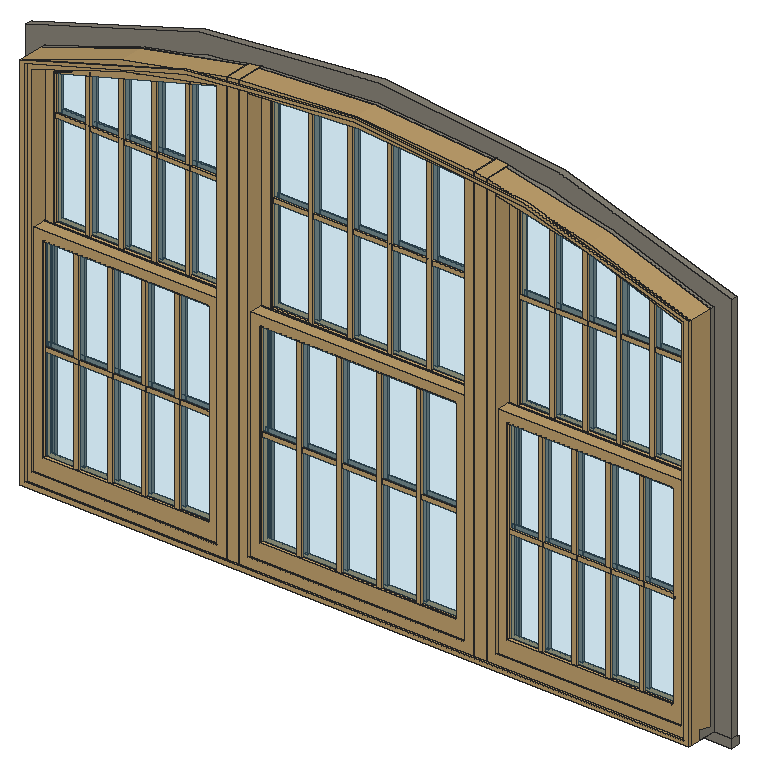
Revit family
Parameters (values of type "3W CUDHRTP-NG RT25/6/26")
  Window Type = "Clad Ultimate DH Round Top - NG 3W RT25/6/26"
  Width Side Unit = (Width - Width Center Unit - (Mull Space * 2)) / 2  # 2' - 9"
  Width Center Unit = 3' - 2"
  URL = "www.marvin.com"
  Subsill Height_2 = if(Subsill A217, 0' 1 11/32", 0' 0 9/16")  # 0' - 1 11/32"
  Subsill Height = if(Subsill A217 Visibility, 0' 1 11/32", if(Subsill A246 Visibility, 0' 0 9/16", 0' 0"))  # 0' - 1 11/32"
  Subsill A246 Visibility = and(Subsill Visibility, Subsill A246)  # no
  Subsill A217 Visibility = and(Subsill Visibility, Subsill A217)  # yes
  Sash DLO Height Ratio = 0.5
  RO Radius Constraint = if(RO Radius > (Rough Width / 2) + 0' 2", RO Radius, (Rough Width / 2) + 0' 2")  # 12' - 0 1/2"
  RO Radius = 12' - 0 1/2"
  Muntins Interior Top Sash = yes
  Muntins Interior Material = Wood-Marvin-Pine
  Muntins Interior Bottom Sash = yes
  Muntins Exterior Top Sash = yes
  Muntins Exterior Material = Aluminum-Marvin-Bronze
  Muntins Exterior Bottom Sash = yes
  Mull Space visibility = Mull Space > 0' 0"  # yes
  Mull Space = 0' - 2"
  Mull Offset = if(Mull Space > 0' 0", 0' 0", 0' 0 1/32")  # 0' - 0"
  Mask Offset [instance] = if(Inset to Installation Flange = 0' 1 3/32", 0' 0 1/32", 0' 0")  # 0' - 0"
  Lites Wide Top Sash Side = 5
  Lites Wide Top Sash Center = 5
  Lites Wide Bottom Sash Side = 5
  Lites Wide Bottom Sash Center = 5
  Lites High Top Sash = 2
  Lites High Bottom Sash = 2
  Label Egress = ""
  Interior Material = Wood-Marvin-Pine
  Frame = "Aluminum Clad"
  Flat Casing Visibility = and(Casing Visibility, Flat Casing)  # yes
  Egress Window = ""
  Design Pressure = "DP50"
  Daylight Area = ((DLO Width Side * 2 + DLO Width Center) * DLO Height Bottom) + ((DLO Height Top - DLO Arc Height) * DLO Width + DLO Segment Area) - (((0' 5 13/16" + Mull Space) * 2) * DLO Height Top Center)  # 34.5838 SF
  DLO Width Center = Width Center Unit - 0' 6 17/32"  # 2' - 7 15/32"
  DLO Width = Width - 0' 6 17/32"  # 8' - 5 15/32"
  DLO Height Top Center = DLO Height Top - Arc Height Center  # 2' - 5.66259"
  DLO Arc Height = DLO Radius - sqrt((DLO Radius ^ 2) - ((DLO Width / 2) ^ 2))  # 0' - 9.46407"
  Cladding Material = Aluminum-Marvin-Bronze
  Center Offset = Width Center Unit + (Mull Space * 2)  # 3' - 6"
  Casing Width_2 = if(BMC, 0' 1 5/16", 0' 3")  # 0' - 3"
  Casing Visibility = yes
  Subsill Visibility = yes
  BMC Visibility = and(Casing Visibility, BMC)  # no
  BMC = no
  Flat Casing = not(BMC)  # yes
  Subsill A246 = no
  Subsill A217 = not(Subsill A246)  # yes
  Glazing Material = Glass-Marvin-IG Low E II with Argon
  Radius = RO Radius Constraint - 0' 0 1/2"  # 12' - 0"
  Nominal Width = 9' - 0"
  Nominal Height = 6' - 0"
  Model = "3W CUDHRT-NG RT25/6/26"
  Mask [instance] = Inset to Installation Flange > 0' 1 3/32"  # no
  Manufacturer = "Marvin Windows and Doors"
  Label Visibility = no
  Glass Type = "IG Low E II with Argon"
  Family created by = "www.rbuiltcomponents.com"
  Rough Width = Width + 0' 1"  # 9' - 1"
  Rough Height = Height + 0' 0 1/2"  # 6' - 0 1/2"
  Jamb Extension Visibility = yes
  Inset to Installation Flange [instance] = 0' - 1"
  Height = Nominal Height  # 6' - 0"
  Description = "3W DH RT25/6/26"
  Default Head Height = 8' - 0"
  Wall Closure = (empty or 0)
  Width = Nominal Width  # 9' - 0"
  DLO Radius = Radius - 0' 3 9/32"  # 11' - 8 23/32"
  DLO Width Side = Width Side Unit - 0' 6 17/32"  # 2' - 2 15/32"
  DLO Height Top = (Height - 0' 10 1/32") * Sash DLO Height Ratio  # 2' - 6 63/64"
  DLO Height Bottom = (Height - 0' 10 1/32") * (1 - Sash DLO Height Ratio)  # 2' - 6 63/64"
  Casing Width = if(BMC Visibility, 0' 1 5/16", if(Flat Casing Visibility, 0' 3", 0' 0"))  # 0' - 3"
  Casing Radius = Radius + Casing Width  # 12' - 3"
  Assembly Code = ""
  DLO Segment Area = ((DLO Radius ^ 2) / 2 * ((3.1416 / 180) * Angle Sector2 - sin(Angle Sector)) / 2) * 2  # 4.47662 SF
  Arc Height Center = RO Radius Constraint - sqrt((RO Radius Constraint ^ 2) - (((Width Center Unit + 0' 1") / 2) ^ 2))  # 0' - 1.32179"
  Arc Height = RO Radius Constraint - sqrt((RO Radius Constraint ^ 2) - ((Rough Width / 2) ^ 2))  # 0' - 10.67175"
  Angle Sector2 = Angle Sector * 1 / 1.00°  # 42.2664
  Angle Sector = 2 * acos((DLO Radius - DLO Arc Height) / DLO Radius)  # 42.2664°
Reference planes (in)
  plane 1 "Center (Front/Back)": y = 0
  plane 2: z = 0
  plane 3 "Center (Left/Right)": x = -3
  plane 4 "Left": x = -57
  plane 5 "Right": x = 51
  plane 6 "Sill": z = 24
  plane 7 "Top": z = 96
  plane 8 "Inset": y = 2
  plane 9 "Glazing 1": y = 1.4375
  plane 10 "Jamb Ext Face": y = -2.5625
  plane 11: z = 85.82825
  plane 12: z = 60.79688
  plane 13: z = 96.5
  plane 14: x = 51.5
  plane 15: x = -57.5
  plane 16: x = 34.5
  plane 17: x = -40.5
  plane 18: x = 18
  plane 19: x = -24
  plane 20: x = -22
  plane 21: x = 16
  plane 22: y = -2.59375
  plane 23: z = 28.84375
  plane 24 "Glazing 2": y = 0.46875
  plane 25: z = 92.73438
  plane 26 "Glazing 3": y = -0.8125
  plane 27 "Glazing 4": y = -1.78125
  plane 28: z = 61.76563
  plane 29: z = 59.82813
  plane 30: z = -48
Forms (in)
  Extrusion 1, void
    sketch origin (0, 0, 0) x (1, 0, 0) y (0, 0, 1)
      loop
        line (51, 24) -> (51, 85.49157)
        arc (51, 85.49157) -> (-3, 96) -> (-57, 85.49157) r 144
        line (-57, 85.49157) -> (-57, 24) -> (51, 24)
    from -2 to 3
  Extrusion 2, void
    sketch origin (0, 0, 0) x (1, 0, 0) y (0, 0, 1)
      loop
        line (54, 22.65625) -> (54, 87.49908)
        arc (54, 87.49908) -> (-3, 99) -> (-60, 87.49908) r 147
        line (-60, 87.49908) -> (-60, 22.65625) -> (54, 22.65625)
    from -2 to -3.12756
  Sweep 3, solid, material "Aluminum-Marvin-Bronze" <- "Cladding Material", visible <- "BMC Visibility"
    path origin (0, 2, 0) x (1, 0, 0) y (0, 0, 1)
      loop
        line (51, 24) -> (51, 85.49157)
        arc (51, 85.49157) -> (-3, 96) -> (-57, 85.49157) r 144
        line (-57, 85.49157) -> (-57, 24)
    profile "BMC_Clad : BMC_Clad" origin (-57, 2, 54.74579) x (1, 0, 0) y (0, -1, 0)
      loop
        line (-0.71589, -1.25) -> (-0.38081, -1.09375) -> (0, -1.09375) -> (0, 0) -> (-1.3125, 0) -> (-1.3125, -1.25) -> (-0.71589, -1.25)
  Sweep 4, solid, material "Aluminum-Marvin-Bronze" <- "Cladding Material", visible <- "Flat Casing Visibility"
    path origin (0, 2, 0) x (1, 0, 0) y (0, 0, 1)
      loop
        line (-57, 24) -> (-57, 85.49157)
        arc (-57, 85.49157) -> (-3, 96) -> (51, 85.49157) r 144
        line (51, 85.49157) -> (51, 24)
    profile "Flat_Casing_Clad : Flat_Casing_Clad" origin (51, 2, 54.74579) x (1, 0, 0) y (0, -1, 0)
      loop
        line (3, -1.09375) -> (3, 0) -> (0, 0) -> (0, -1.09375) -> (3, -1.09375)
  Sweep 5, solid, material "Aluminum-Marvin-Bronze" <- "Cladding Material", visible <- "Subsill Visibility"
    path origin (0, 2, 0) x (1, 0, 0) y (0, 0, 1)
      loop
        line (54, 24) -> (-60, 24)
    profile origin (-3, 2, 24) x (0, 0, -1) y (0, -1, 0)
      loop
        line (0, 0) -> (0, -1.09401) -> (0.15265, -1.09401) -> (0.1875, -1.34375) -> (1.34375, -1.34375) -> (1.34375, 0) -> (0, 0)
  Extrusion 6, solid, material "Wood-Marvin-Pine" <- "Interior Material", visible <- "Jamb Extension Visibility"
    sketch origin (0, -2.5625, 0) x (1, 0, 0) y (0, 0, 1)
      loop
        line (-57, 24) -> (51, 24) -> (51, 85.49157)
        arc (51, 85.49157) -> (-3, 96) -> (-57, 85.49157) r 144
        line (-57, 85.49157) -> (-57, 24)
      loop
        arc (50.3125, 85.25886) -> (-3, 95.52751) -> (-56.3125, 85.25886) r 143.52751
        line (-56.3125, 85.25886) -> (-56.3125, 24.6875) -> (50.3125, 24.6875) -> (50.3125, 85.25886)
    from 0.4375 to 0.03125
  Extrusion 7, solid, material "Wood-Marvin-Pine" <- "Interior Material", visible <- "Mull Space visibility"
    sketch origin (0, -2.5625, 0) x (1, 0, 0) y (0, 0, 1)
      loop
        arc (-22, 94.74102) -> (-23.00049, 94.60428) -> (-24, 94.46052) r 144
        line (-24, 94.46052) -> (-24, 24) -> (-22, 24) -> (-22, 94.74102)
      loop
        line (16, 94.74102) -> (16, 24) -> (18, 24) -> (18, 94.46052)
        arc (18, 94.46052) -> (17.00049, 94.60428) -> (16, 94.74102) r 144
    from -5.65651 to 0
  Sweep 8, solid, material "Aluminum-Marvin-Bronze" <- "Cladding Material"
    path origin (0, 1.4375, 0) x (1, 0, 0) y (0, 0, 1)
      loop
        line (18, 24) -> (18, 94.46052)
        arc (18, 94.46052) -> (34.76719, 90.95913) -> (51, 85.49157) r 144
        line (51, 85.49157) -> (51, 24)
    profile "Clad Frame : Clad Frame" origin (18, 1.4375, 54.74579) x (1, 0, 0) y (0, -1, 0)
      loop
        line (0, -1.65625) -> (0, 0) -> (-1.5, 0) -> (-1.5, -0.4375) -> (-1.78125, -0.4375) -> (-1.78125, -0.78125) -> (-0.9375, -0.78125) -> (-0.9375, -1.1875) -> (-0.66381, -1.1875) -> (-0.59375, -1.65625) -> (0, -1.65625)
  Sweep 9, solid, material "Aluminum-Marvin-Bronze" <- "Cladding Material"
    path origin (0, 1.4375, 0) x (1, 0, 0) y (0, 0, 1)
      loop
        line (-24, 24) -> (-24, 94.46052)
        arc (-24, 94.46052) -> (-40.76719, 90.95913) -> (-57, 85.49157) r 144
        line (-57, 85.49157) -> (-57, 24)
    profile "Clad Frame : Clad Frame" origin (-24, 1.4375, 59.23026) x (-1, 0, 0) y (0, -1, 0)
      loop
        line (0, -1.65625) -> (0.59375, -1.65625) -> (0.66381, -1.1875) -> (0.9375, -1.1875) -> (0.9375, -0.78125) -> (1.78125, -0.78125) -> (1.78125, -0.4375) -> (1.5, -0.4375) -> (1.5, 0) -> (0, 0) -> (0, -1.65625)
  Sweep 10, solid, material "Aluminum-Marvin-Bronze" <- "Cladding Material"
    path origin (0, 1.4375, 0) x (1, 0, 0) y (0, 0, 1)
      loop
        line (16, 24) -> (16, 94.74102)
        arc (16, 94.74102) -> (-3, 96) -> (-22, 94.74102) r 144
        line (-22, 94.74102) -> (-22, 24)
    profile "Clad Frame : Clad Frame" origin (16, 1.4375, 59.37051) x (-1, 0, 0) y (0, -1, 0)
      loop
        line (0, -1.65625) -> (0.59375, -1.65625) -> (0.66381, -1.1875) -> (0.9375, -1.1875) -> (0.9375, -0.78125) -> (1.78125, -0.78125) -> (1.78125, -0.4375) -> (1.5, -0.4375) -> (1.5, 0) -> (0, 0) -> (0, -1.65625)
  Sweep 11, solid, material "Aluminum-Marvin-Bronze" <- "Cladding Material"
    path origin (0, -0.8125, 0) x (1, 0, 0) y (0, 0, 1)
      loop
        line (18, 24) -> (51, 24)
    profile "Clad Sill : Clad Sill" origin (34.5, -0.8125, 24) x (0, 0, 1) y (0, -1, 0)
      loop
        line (0, 0) -> (0, -3.90625) -> (0.59375, -3.90625) -> (0.72218, -3.04688) -> (0.80316, -3.04688) -> (1.56284, 0) -> (0, 0)
  Sweep 12, solid, material "Aluminum-Marvin-Bronze" <- "Cladding Material"
    path origin (0, -0.8125, 0) x (1, 0, 0) y (0, 0, 1)
      loop
        line (-24, 24) -> (-57, 24)
    profile "Clad Sill : Clad Sill" origin (-40.5, -0.8125, 24) x (0, 0, -1) y (0, -1, 0)
      loop
        line (0, 0) -> (-1.56284, 0) -> (-0.80316, -3.04687) -> (-0.72218, -3.04687) -> (-0.59375, -3.90625) -> (0, -3.90625) -> (0, 0)
  Sweep 13, solid, material "Aluminum-Marvin-Bronze" <- "Cladding Material"
    path origin (0, -0.8125, 0) x (1, 0, 0) y (0, 0, 1)
      loop
        line (16, 24) -> (-22, 24)
    profile "Clad Sill : Clad Sill" origin (-3, -0.8125, 24) x (0, 0, -1) y (0, -1, 0)
      loop
        line (0, 0) -> (-1.56284, 0) -> (-0.80316, -3.04687) -> (-0.72218, -3.04687) -> (-0.59375, -3.90625) -> (0, -3.90625) -> (0, 0)
  Sweep 14, solid, material "Wood-Marvin-Pine" <- "Interior Material"
    path origin (0, 1.4375, 0) x (1, 0, 0) y (0, 0, 1)
      loop
        arc (51, 85.49157) -> (34.76719, 90.95913) -> (18, 94.46052) r 144
        line (18, 94.46052) -> (18, 58.51563) -> (51, 58.51563) -> (51, 85.49157)
    profile "Sash : Sash" origin (34.76719, 1.4375, 90.95913) x (-0.262272, 0, -0.964994) y (0, -1, 0)
      loop
        line (1.59375, 0) -> (1.59375, -0.34375) -> (3.0625, -0.34375) -> (3.0625, -0.19262) -> (3.25, -0.03595) -> (3.25, 0) -> (2.5, 0) -> (2.5, 0.96875) -> (3.25, 0.96875) -> (3.25, 1.12032) -> (3.03099, 1.33933) -> (3.03099, 1.40625) -> (1.59375, 1.40625) -> (1.59375, 0)
  Sweep 15, solid, material "Wood-Marvin-Pine" <- "Interior Material"
    path origin (0, 1.4375, 0) x (1, 0, 0) y (0, 0, 1)
      loop
        line (16, 58.51563) -> (16, 94.74102)
        arc (16, 94.74102) -> (-3, 96) -> (-22, 94.74102) r 144
        line (-22, 94.74102) -> (-22, 58.51563) -> (16, 58.51563)
    profile "Sash : Sash" origin (16, 1.4375, 76.62832) x (-1, 0, 0) y (0, -1, 0)
      loop
        line (1.59375, 0) -> (1.59375, -0.34375) -> (3.0625, -0.34375) -> (3.0625, -0.19262) -> (3.25, -0.03595) -> (3.25, 0) -> (2.5, 0) -> (2.5, 0.96875) -> (3.25, 0.96875) -> (3.25, 1.12032) -> (3.03099, 1.33933) -> (3.03099, 1.40625) -> (1.59375, 1.40625) -> (1.59375, 0)
  Sweep 16, solid, material "Wood-Marvin-Pine" <- "Interior Material"
    path origin (0, 1.4375, 0) x (1, 0, 0) y (0, 0, 1)
      loop
        line (-57, 85.49157) -> (-57, 58.51563) -> (-24, 58.51563) -> (-24, 94.46052)
        arc (-24, 94.46052) -> (-40.76719, 90.95913) -> (-57, 85.49157) r 144
    profile "Sash : Sash" origin (-57, 1.4375, 72.0036) x (1, 0, 0) y (0, -1, 0)
      loop
        line (1.59375, 0) -> (1.59375, -0.34375) -> (3.0625, -0.34375) -> (3.0625, -0.19262) -> (3.25, -0.03595) -> (3.25, 0) -> (2.5, 0) -> (2.5, 0.96875) -> (3.25, 0.96875) -> (3.25, 1.12032) -> (3.03099, 1.33933) -> (3.03099, 1.40625) -> (1.59375, 1.40625) -> (1.59375, 0)
  Sweep 17, solid, material "Wood-Marvin-Pine" <- "Interior Material"
    path in 3D
      loop
        line (49.40625, -0.46875, 27.1875) -> (19.59375, -0.46875, 27.1875)
    profile "Clad Sash bottom ext : Clad Sash bottom ext" origin (34.5, -0.46875, 27.1875) x (0, 1, 0) y (0, 0, -1)
      loop
        line (-1.75, 1.28125) -> (-1.75, 0) -> (0, 0) -> (0, 1.62985) -> (-0.25, 1.56752) -> (-0.25, 1.28125) -> (-1.75, 1.28125)
  Sweep 18, solid, material "Wood-Marvin-Pine" <- "Interior Material"
    path in 3D
      loop
        line (-20.40625, -0.46875, 27.1875) -> (14.40625, -0.46875, 27.1875)
    profile "Clad Sash bottom ext : Clad Sash bottom ext" origin (-3, -0.46875, 27.1875) x (0, -1, 0) y (0, 0, -1)
      loop
        line (1.75, 1.28125) -> (0.25, 1.28125) -> (0.25, 1.56752) -> (0, 1.62985) -> (0, 0) -> (1.75, 0) -> (1.75, 1.28125)
  Sweep 19, solid, material "Wood-Marvin-Pine" <- "Interior Material"
    path in 3D
      loop
        line (-55.40625, -0.46875, 27.1875) -> (-25.59375, -0.46875, 27.1875)
    profile "Clad Sash bottom ext : Clad Sash bottom ext" origin (-40.5, -0.46875, 27.1875) x (0, -1, 0) y (0, 0, -1)
      loop
        line (1.75, 1.28125) -> (0.25, 1.28125) -> (0.25, 1.56752) -> (0, 1.62985) -> (0, 0) -> (1.75, 0) -> (1.75, 1.28125)
  Extrusion 20, solid, material "Glass-Marvin-IG Low E II with Argon" <- "Glazing Material"
    sketch origin (0, 0.46875, 0) x (1, 0, 0) y (0, 0, 1)
      loop
        arc (48.5, 83.7953) -> (34.69914, 88.38557) -> (20.5, 91.53494) r 141.5
        line (20.5, 91.53494) -> (20.5, 61.01563) -> (48.5, 61.01563) -> (48.5, 83.7953)
      loop
        arc (13.5, 92.53469) -> (-3, 93.5) -> (-19.5, 92.53469) r 141.5
        line (-19.5, 92.53469) -> (-19.5, 61.01563) -> (13.5, 61.01563) -> (13.5, 92.53469)
      loop
        arc (-26.5, 91.53494) -> (-40.69914, 88.38557) -> (-54.5, 83.7953) r 141.5
        line (-54.5, 83.7953) -> (-54.5, 61.01563) -> (-26.5, 61.01563) -> (-26.5, 91.53494)
    from 0 to -0.1875
  Sweep 21, solid, material "Wood-Marvin-Pine" <- "Interior Material"
    path origin (0, 1.4375, 0) x (1, 0, 0) y (0, 0, 1)
      loop
        line (-57, 24) -> (-57, 85.49157)
        arc (-57, 85.49157) -> (-40.76719, 90.95913) -> (-24, 94.46052) r 144
        line (-24, 94.46052) -> (-24, 24)
    profile "Int Frame : Int Frame" origin (-57, 1.4375, 54.74579) x (-1, 0, 0) y (0, -1, 0)
      loop
        line (0, 4) -> (-1.5, 4) -> (-1.5, 0) -> (0, 0) -> (0, 4)
  Sweep 22, solid, material "Wood-Marvin-Pine" <- "Interior Material"
    path origin (0, 1.4375, 0) x (1, 0, 0) y (0, 0, 1)
      loop
        line (51, 24) -> (51, 85.49157)
        arc (51, 85.49157) -> (34.76719, 90.95913) -> (18, 94.46052) r 144
        line (18, 94.46052) -> (18, 24)
    profile "Int Frame : Int Frame" origin (18, 1.4375, 59.23026) x (1, 0, 0) y (0, -1, 0)
      loop
        line (0, 4) -> (0, 0) -> (1.5, 0) -> (1.5, 4) -> (0, 4)
  Sweep 23, solid, material "Wood-Marvin-Pine" <- "Interior Material"
    path origin (0, 1.4375, 0) x (1, 0, 0) y (0, 0, 1)
      loop
        line (-22, 24) -> (-22, 94.74102)
        arc (-22, 94.74102) -> (-3, 96) -> (16, 94.74102) r 144
        line (16, 94.74102) -> (16, 24)
    profile "Int Frame : Int Frame" origin (16, 1.4375, 59.37051) x (1, 0, 0) y (0, -1, 0)
      loop
        line (0, 4) -> (-1.5, 4) -> (-1.5, 0) -> (0, 0) -> (0, 4)
  Sweep 24, solid, material "Wood-Marvin-Pine" <- "Interior Material"
    path origin (0, -0.8125, 0) x (1, 0, 0) y (0, 0, 1)
      loop
        line (16, 25.59375) -> (16, 63.07813) -> (-22, 63.07813) -> (-22, 25.59375) -> (16, 25.59375)
    profile "Sash : Sash" origin (16, -0.8125, 44.33594) x (-1, 0, 0) y (0, -1, 0)
      loop
        line (1.59375, 0) -> (1.59375, -0.34375) -> (3.0625, -0.34375) -> (3.0625, -0.19262) -> (3.25, -0.03595) -> (3.25, 0) -> (2.5, 0) -> (2.5, 0.96875) -> (3.25, 0.96875) -> (3.25, 1.12032) -> (3.03099, 1.33933) -> (3.03099, 1.40625) -> (1.59375, 1.40625) -> (1.59375, 0)
  Sweep 25, solid, material "Wood-Marvin-Pine" <- "Interior Material"
    path origin (-37.5, -0.8125, 0) x (1, 0, 0) y (0, 0, 1)
      loop
        line (13.5, 25.59375) -> (13.5, 63.07813) -> (-19.5, 63.07813) -> (-19.5, 25.59375) -> (13.5, 25.59375)
    profile "Sash : Sash" origin (-24, -0.8125, 44.33594) x (-1, 0, 0) y (0, -1, 0)
      loop
        line (1.59375, 0) -> (1.59375, -0.34375) -> (3.0625, -0.34375) -> (3.0625, -0.19262) -> (3.25, -0.03595) -> (3.25, 0) -> (2.5, 0) -> (2.5, 0.96875) -> (3.25, 0.96875) -> (3.25, 1.12032) -> (3.03099, 1.33933) -> (3.03099, 1.40625) -> (1.59375, 1.40625) -> (1.59375, 0)
  Sweep 26, solid, material "Wood-Marvin-Pine" <- "Interior Material"
    path origin (31.5, -0.8125, 0) x (-1, 0, 0) y (0, 0, 1)
      loop
        line (13.5, 25.59375) -> (13.5, 63.07813) -> (-19.5, 63.07813) -> (-19.5, 25.59375) -> (13.5, 25.59375)
    profile "Sash : Sash" origin (18, -0.8125, 44.33594) x (-1, 0, 0) y (0, -1, 0)
      loop
        line (-1.59375, 0) -> (-1.59375, 1.40625) -> (-3.03099, 1.40625) -> (-3.03099, 1.33933) -> (-3.25, 1.12032) -> (-3.25, 0.96875) -> (-2.5, 0.96875) -> (-2.5, 0) -> (-3.25, 0) -> (-3.25, -0.03595) -> (-3.0625, -0.19262) -> (-3.0625, -0.34375) -> (-1.59375, -0.34375) -> (-1.59375, 0)
  Sweep 27, solid, material "Wood-Marvin-Pine" <- "Interior Material"
    path origin (0, -0.8125, 0) x (1, 0, 0) y (0, 0, 1)
      loop
        line (-24, 24) -> (-57, 24)
    profile "Sill interior : Sill interior" origin (-40.5, -0.8125, 24) x (0, 0, -1) y (0, -1, 0)
      loop
        line (0, 0) -> (0, 1.75) -> (-2.22769, 1.75) -> (-2.22769, 1.5) -> (-1.6875, 1.5) -> (-1.6875, 0.5) -> (-1.56284, 0) -> (0, 0)
  Sweep 28, solid, material "Wood-Marvin-Pine" <- "Interior Material"
    path origin (37.5, -0.8125, 0) x (1, 0, 0) y (0, 0, 1)
      loop
        line (-21.5, 24) -> (-59.5, 24)
    profile "Sill interior : Sill interior" origin (-3, -0.8125, 24) x (0, 0, -1) y (0, -1, 0)
      loop
        line (0, 0) -> (0, 1.75) -> (-2.22769, 1.75) -> (-2.22769, 1.5) -> (-1.6875, 1.5) -> (-1.6875, 0.5) -> (-1.56284, 0) -> (0, 0)
  Sweep 29, solid, material "Wood-Marvin-Pine" <- "Interior Material"
    path origin (75, -0.8125, 0) x (1, 0, 0) y (0, 0, 1)
      loop
        line (-24, 24) -> (-57, 24)
    profile "Sill interior : Sill interior" origin (34.5, -0.8125, 24) x (0, 0, -1) y (0, -1, 0)
      loop
        line (0, 0) -> (0, 1.75) -> (-2.22769, 1.75) -> (-2.22769, 1.5) -> (-1.6875, 1.5) -> (-1.6875, 0.5) -> (-1.56284, 0) -> (0, 0)
  Sweep 30, solid, material "Wood-Marvin-Pine" <- "Interior Material"
    path in 3D
      loop
        line (14.40625, -0.46875, 61.48438) -> (-20.40625, -0.46875, 61.48438)
    profile "Checkrail Inner : Checkrail Inner" origin (-3, -0.46875, 61.48438) x (0, -1, 0) y (0, 0, 1)
      loop
        line (0, -0.9375) -> (0, 0) -> (1.75, 0) -> (1.75, 0.0625) -> (-0.28125, 0.0625) -> (-0.28125, 0) -> (-0.375, 0) -> (-0.375, 0.0625) -> (-0.5, 0.0625) -> (-0.5, -0.9375) -> (0, -0.9375)
  Sweep 31, solid, material "Wood-Marvin-Pine" <- "Interior Material"
    path in 3D
      loop
        line (-25.59375, -0.46875, 61.48438) -> (-55.40625, -0.46875, 61.48438)
    profile "Checkrail Inner : Checkrail Inner" origin (-40.5, -0.46875, 61.48438) x (0, -1, 0) y (0, 0, 1)
      loop
        line (0, -0.9375) -> (0, 0) -> (1.75, 0) -> (1.75, 0.0625) -> (-0.28125, 0.0625) -> (-0.28125, 0) -> (-0.375, 0) -> (-0.375, 0.0625) -> (-0.5, 0.0625) -> (-0.5, -0.9375) -> (0, -0.9375)
  Sweep 32, solid, material "Wood-Marvin-Pine" <- "Interior Material"
    path in 3D
      loop
        line (19.59375, -0.46875, 61.48438) -> (49.40625, -0.46875, 61.48438)
    profile "Checkrail Inner : Checkrail Inner" origin (34.5, -0.46875, 61.48438) x (0, 1, 0) y (0, 0, 1)
      loop
        line (0, -0.9375) -> (0.5, -0.9375) -> (0.5, 0.0625) -> (0.375, 0.0625) -> (0.375, 0) -> (0.28125, 0) -> (0.28125, 0.0625) -> (-1.75, 0.0625) -> (-1.75, 0) -> (0, 0) -> (0, -0.9375)
  Sweep 33, solid, material "Wood-Marvin-Pine" <- "Interior Material"
    path in 3D
      loop
        line (19.59375, 0.03125, 60.10938) -> (49.40625, 0.03125, 60.10938)
    profile "Clad Checkrail : Clad Checkrail" origin (34.5, 0.03125, 60.10938) x (0, -1, 0) y (0, 0, -1)
      loop
        line (0.39063, -0.4375) -> (0.39063, 0.09375) -> (-1.75, 0.09375) -> (-1.75, 0) -> (0, 0) -> (0, -0.4375) -> (0.39063, -0.4375)
  Sweep 34, solid, material "Wood-Marvin-Pine" <- "Interior Material"
    path in 3D
      loop
        line (-20.40625, 0.03125, 60.10938) -> (14.40625, 0.03125, 60.10938)
    profile "Clad Checkrail : Clad Checkrail" origin (-3, 0.03125, 60.10938) x (0, -1, 0) y (0, 0, -1)
      loop
        line (0.39063, -0.4375) -> (0.39063, 0.09375) -> (-1.75, 0.09375) -> (-1.75, 0) -> (0, 0) -> (0, -0.4375) -> (0.39063, -0.4375)
  Sweep 35, solid, material "Wood-Marvin-Pine" <- "Interior Material"
    path in 3D
      loop
        line (-55.40625, 0.03125, 60.10938) -> (-25.59375, 0.03125, 60.10938)
    profile "Clad Checkrail : Clad Checkrail" origin (-40.5, 0.03125, 60.10938) x (0, -1, 0) y (0, 0, -1)
      loop
        line (0.39063, -0.4375) -> (0.39063, 0.09375) -> (-1.75, 0.09375) -> (-1.75, 0) -> (0, 0) -> (0, -0.4375) -> (0.39063, -0.4375)
  Extrusion 36, solid, material "Aluminum-Marvin-Bronze" <- "Cladding Material"
    sketch origin (0, 1.4375, 0) x (1, 0, 0) y (0, 0, 1)
      loop
        line (19.5, 24.75) -> (19.55469, 24.75) -> (19.55469, 60.79688) -> (19.5, 60.79688) -> (19.5, 24.75)
      loop
        line (49.5, 60.79688) -> (49.44531, 60.79688) -> (49.44531, 24.75) -> (49.5, 24.75) -> (49.5, 60.79688)
      loop
        line (-20.5, 24.75) -> (-20.44531, 24.75) -> (-20.44531, 60.79688) -> (-20.5, 60.79688) -> (-20.5, 24.75)
      loop
        line (-25.5, 60.79688) -> (-25.55469, 60.79688) -> (-25.55469, 24.75) -> (-25.5, 24.75) -> (-25.5, 60.79688)
      loop
        line (-55.5, 24.75) -> (-55.44531, 24.75) -> (-55.44531, 60.79688) -> (-55.5, 60.79688) -> (-55.5, 24.75)
      loop
        line (14.5, 60.79688) -> (14.44531, 60.79688) -> (14.44531, 24.75) -> (14.5, 24.75) -> (14.5, 60.79688)
    from 0 to 2.25
  Extrusion 37, solid, material "Glass-Marvin-IG Low E II with Argon" <- "Glazing Material"
    sketch origin (0, 1.4375, 0) x (1, 0, 0) y (0, 0, 1)
      loop
        line (48.5, 61.01563) -> (48.5, 83.7953)
        arc (48.5, 83.7953) -> (34.69914, 88.38557) -> (20.5, 91.53494) r 141.5
        line (20.5, 91.53494) -> (20.5, 61.01563) -> (48.5, 61.01563)
      loop
        line (-19.5, 61.01563) -> (13.5, 61.01563) -> (13.5, 92.53469)
        arc (13.5, 92.53469) -> (-3, 93.5) -> (-19.5, 92.53469) r 141.5
        line (-19.5, 92.53469) -> (-19.5, 61.01563)
      loop
        line (-26.5, 61.01563) -> (-26.5, 91.53494)
        arc (-26.5, 91.53494) -> (-40.69914, 88.38557) -> (-54.5, 83.7953) r 141.5
        line (-54.5, 83.7953) -> (-54.5, 61.01563) -> (-26.5, 61.01563)
    from 0 to 0.1875
  Extrusion 38, solid, material "Glass-Marvin-IG Low E II with Argon"
    sketch origin (0, -0.8125, 0) x (1, 0, 0) y (0, 0, 1)
      loop
        line (48.5, 60.57813) -> (20.5, 60.57813) -> (20.5, 28.09375) -> (48.5, 28.09375) -> (48.5, 60.57813)
      loop
        line (13.5, 28.09375) -> (13.5, 60.57813) -> (-19.5, 60.57813) -> (-19.5, 28.09375) -> (13.5, 28.09375)
      loop
        line (-26.5, 60.57813) -> (-54.5, 60.57813) -> (-54.5, 28.09375) -> (-26.5, 28.09375) -> (-26.5, 60.57813)
    from 0 to 0.1875
  Extrusion 39, solid, material "Glass-Marvin-IG Low E II with Argon"
    sketch origin (0, -1.78125, 0) x (1, 0, 0) y (0, 0, 1)
      loop
        line (48.5, 60.57813) -> (20.5, 60.57813) -> (20.5, 28.09375) -> (48.5, 28.09375) -> (48.5, 60.57813)
      loop
        line (13.5, 28.09375) -> (13.5, 60.57813) -> (-19.5, 60.57813) -> (-19.5, 28.09375) -> (13.5, 28.09375)
      loop
        line (-26.5, 60.57813) -> (-54.5, 60.57813) -> (-54.5, 28.09375) -> (-26.5, 28.09375) -> (-26.5, 60.57813)
    from 0 to -0.1875
Cuts and joins
  joined: Sweep 8, Sweep 9, Sweep 10, Sweep 11, Sweep 12, Sweep 13, Extrusion 36
  joined: Sweep 17, Sweep 26, Sweep 32
  joined: Sweep 18, Sweep 24, Sweep 30
  joined: Sweep 19, Sweep 25, Sweep 31
  joined: Sweep 22, Sweep 29
  joined: Sweep 23, Sweep 28
  joined: Sweep 21, Sweep 27
  joined: Sweep 14, Sweep 33
  joined: Sweep 15, Sweep 34
  joined: Sweep 16, Sweep 35
Lines and regions (in)
  Masking region 1
    outline origin (0, 0, 24) x (0, -1, 0) y (1, 0, 0)
      loop
        line (-3.09401, -57) -> (2.5625, -57) -> (2.5625, 51) -> (-3.09401, 51) -> (-3.09401, -57)
  Masking region 2
    outline origin (-3, 0, 0) x (0, 1, 0) y (0, 0, 1)
      loop
        line (3.09375, 96) -> (-2.5625, 96) -> (-2.5625, 24) -> (3.09375, 24) -> (3.09375, 96)
  Masking region 3, visible <- "Mask"
    outline origin (0, 0, 24) x (0, -1, 0) y (1, 0, 0)
      loop
        line (-3.09401, -60) -> (-3, -60) -> (-3, 54) -> (-3.09401, 54) -> (-3.09401, -60)
  Masking region 4, visible <- "Mask"
    outline origin (-3, 0, 0) x (0, 1, 0) y (0, 0, 1)
      loop
        line (3.09375, 99) -> (3, 99) -> (3, 22.65625) -> (3.09375, 22.65625) -> (3.09375, 99)
  Masking region 5, visible <- "Casing Visibility"
    outline origin (0, 0, 24) x (0, -1, 0) y (1, 0, 0)
      loop
        line (-3.09401, -60) -> (-2, -60) -> (-2, -57) -> (-3.09401, -57) -> (-3.09401, -60)
      loop
        line (-3.09401, 51) -> (-2, 51) -> (-2, 54) -> (-3.09401, 54) -> (-3.09401, 51)
  Masking region 6, visible <- "Subsill Visibility"
    outline origin (-3, 0, 0) x (0, 1, 0) y (0, 0, 1)
      loop
        line (3.34375, 22.65625) -> (3.34375, 23.8125) -> (3.09401, 23.84735) -> (3.09401, 24) -> (2, 24) -> (2, 22.65625) -> (3.34375, 22.65625)
  Masking region 7, visible <- "Casing Visibility"
    outline origin (-3, 0, 0) x (0, 1, 0) y (0, 0, 1)
      loop
        line (3.09375, 99) -> (2, 99) -> (2, 96) -> (3.09375, 96) -> (3.09375, 99)
  Masking region 8
    outline origin (0, 0, 24) x (0, -1, 0) y (1, 0, 0)
      loop
        line (2.59375, -57) -> (3, -57) -> (3, 51) -> (2.59375, 51) -> (2.59375, -57)
  Masking region 9
    outline origin (-3, 0, 0) x (0, 1, 0) y (0, 0, 1)
      loop
        line (-2.59375, 96) -> (-3, 96) -> (-3, 24) -> (-2.59375, 24) -> (-2.59375, 96)
  symbolic lines, style "Jamb Extension", visible <- "Jamb Extension Visibility", detail levels fine
    curve 1: line (-3, -3, 95.3125) -> (-3, -2.59375, 95.3125)
    curve 2: line (-3, -3, 24.6875) -> (-3, -2.59375, 24.6875)
    curve 47: line (-56.3125, -2.59375, 24) -> (-56.3125, -3, 24)
    curve 48: line (50.3125, -3, 24) -> (50.3125, -2.59375, 24)
    curve 49: line (51, -3, 24) -> (50.3125, -3, 24)
    curve 50: line (-56.3125, -3, 24) -> (-57, -3, 24)
  symbolic lines, style "WindowsFrameMullionProjection", detail levels coarse+medium
    curve 3: line (51, -2.5625, 24) -> (49.5, -2.5625, 24)
    curve 4: line (49.5, -2.5625, 24) -> (49.5, 3.09401, 24)
    curve 5: line (49.5, 3.09401, 24) -> (51, 3.09401, 24)
    curve 6: line (49.5, -0.46875, 24) -> (47.73437, -0.46875, 24)
    curve 7: line (47.73437, -0.46875, 24) -> (47.73437, -2.21875, 24)
    curve 8: line (-55.5, -2.21875, 24) -> (-53.73438, -2.21875, 24)
    curve 9: line (-57, -2.5625, 24) -> (-55.5, -2.5625, 24)
    curve 10: line (-55.5, -2.5625, 24) -> (-55.5, 3.09401, 24)
    curve 11: line (-55.5, 3.09401, 24) -> (-57, 3.09401, 24)
    curve 12: line (-53.73438, -0.46875, 24) -> (-53.73438, -2.21875, 24)
    curve 13: line (-3, 3.09375, 96) -> (-3, 3.09375, 95.31314)
    curve 14: line (-3, 3.09375, 95.31314) -> (-3, -2.5625, 95.31314)
    curve 15: line (-3, -2.5625, 95.31314) -> (-3, -2.5625, 96)
    curve 16: line (-3, 1.78125, 95.31314) -> (-3, 1.78125, 92.73438)
    curve 17: line (-3, 1.78125, 92.73438) -> (-3, 0.03125, 92.73438)
    curve 18: line (-3, -2.21875, 25.6875) -> (-3, -2.21875, 28.84375)
    curve 19: line (-3, 3.09401, 24) -> (-3, 3.09401, 24.58883)
    curve 20: line (-3, -2.5625, 25.6875) -> (-3, -2.5625, 24)
    curve 21: line (-3, -0.46875, 28.84375) -> (-3, -2.21875, 28.84375)
    curve 22: line (47.73437, -0.46875, 24) -> (21.26562, -0.46875, 24)
    curve 23: line (47.73437, -2.21875, 24) -> (49.5, -2.21875, 24)
    curve 24: line (-53.73438, -0.46875, 24) -> (-55.5, -0.46875, 24)
    curve 25: line (-3, -2.21875, 28.84375) -> (-3, -2.21875, 59.85938)
    curve 26: line (-3, -0.46875, 28.84375) -> (-3, -0.46875, 25.47713)
    curve 27: line (-3, 0.03125, 92.73438) -> (-3, 0.03125, 95.31314)
    curve 28: line (-3, 1.78125, 92.73438) -> (-3, 1.78125, 61.79688)
    curve 36: line (-53.73438, -2.21875, 24) -> (-27.26563, -2.21875, 24)
    curve 71: line (-3, -3, 96) -> (-3, 3.09375, 96)
    curve 82: line (-57, 3.09375, 24) -> (-57, -3, 24)
    curve 90: line (51, 3.09375, 24) -> (51, -3, 24)
    curve 91: line (-25.5, -2.21875, 24) -> (-27.26563, -2.21875, 24)
    curve 92: line (-20.5, -2.5625, 24) -> (-25.5, -2.5625, 24)
    curve 93: line (-25.5, -2.5625, 24) -> (-25.5, 3.09401, 24)
    curve 94: line (-25.5, 3.09401, 24) -> (-20.5, 3.09401, 24)
    curve 95: line (-27.26563, -0.46875, 24) -> (-27.26563, -2.21875, 24)
    curve 96: line (-27.26563, -0.46875, 24) -> (-25.5, -0.46875, 24)
    curve 97: line (19.5, -2.21875, 24) -> (21.26562, -2.21875, 24)
    curve 98: line (14.5, -2.5625, 24) -> (19.5, -2.5625, 24)
    curve 99: line (19.5, -2.5625, 24) -> (19.5, 3.09401, 24)
    curve 100: line (19.5, 3.09401, 24) -> (14.5, 3.09401, 24)
    curve 101: line (21.26562, -0.46875, 24) -> (21.26562, -2.21875, 24)
    curve 102: line (21.26562, -0.46875, 24) -> (19.5, -0.46875, 24)
    curve 104: line (-27.26563, -0.46875, 24) -> (-53.73438, -0.46875, 24)
    curve 105: line (21.26562, -2.21875, 24) -> (47.73437, -2.21875, 24)
    curve 107: line (-22, 3.09401, 24) -> (-22, -2.5625, 24)
    curve 108: line (-24, -2.5625, 24) -> (-24, 3.09401, 24)
    curve 109: line (16, -2.5625, 24) -> (16, 3.09401, 24)
    curve 110: line (18, 3.09401, 24) -> (18, -2.5625, 24)
    curve 113: line (-20.5, -2.5625, 24) -> (-20.5, 3.09401, 24)
    curve 114: line (-20.5, -0.46875, 24) -> (-18.73438, -0.46875, 24)
    curve 115: line (-18.73438, -0.46875, 24) -> (-18.73438, -2.21875, 24)
    curve 116: line (-18.73438, -2.21875, 24) -> (-20.5, -2.21875, 24)
    curve 117: line (14.5, -2.5625, 24) -> (14.5, 3.09401, 24)
    curve 118: line (14.5, -0.46875, 24) -> (12.73437, -0.46875, 24)
    curve 119: line (12.73437, -0.46875, 24) -> (12.73437, -2.21875, 24)
    curve 120: line (12.73437, -2.21875, 24) -> (14.5, -2.21875, 24)
    curve 124: line (-18.73438, -0.46875, 24) -> (12.73437, -0.46875, 24)
    curve 125: line (-18.73438, -2.21875, 24) -> (12.73437, -2.21875, 24)
    curve 126: line (-3, -1.3125, 25.6875) -> (-3, -2.5625, 25.6875)
    curve 127: line (-3, -1.3125, 25.6875) -> (-3, 3.09401, 24.58883)
    curve 138: line (-3, -0.46875, 59.85938) -> (-3, -0.46875, 28.84375)
    curve 139: line (-3, 0.03125, 61.79688) -> (-3, 0.03125, 92.73438)
    curve 140: line (-3, 0.03125, 61.79688) -> (-3, 1.78125, 61.79688)
    curve 141: line (-3, 1.78125, 61.79688) -> (-3, 1.78125, 60.04688)
    curve 142: line (-3, -0.46875, 60.04688) -> (-3, -0.1875, 60.04688)
    curve 143: line (-3, -0.09375, 60.04688) -> (-3, -0.09375, 61.57787)
    curve 144: line (-3, -0.1875, 60.04688) -> (-3, -0.1875, 61.57813)
    curve 145: line (-3, -0.09375, 61.57787) -> (-3, 0.03125, 61.57787)
    curve 146: line (-3, 0.03125, 61.79688) -> (-3, 0.03125, 61.57787)
    curve 147: line (-3, -2.21875, 61.57813) -> (-3, -0.1875, 61.57813)
    curve 148: line (-3, -2.21875, 61.57813) -> (-3, -2.21875, 59.85938)
    curve 149: line (-3, -2.21875, 59.85938) -> (-3, -0.46875, 59.85938)
    curve 150: line (-3, -0.46875, 59.85938) -> (-3, -0.46875, 60.04688)
    curve 151: line (-3, -0.09375, 60.04688) -> (-3, 1.78125, 60.04688)
  symbolic lines, style "Jamb Extension", visible <- "Jamb Extension Visibility"
    curve 29: line (-3, -3, 24.6875) -> (-3, -3, 24)
    curve 30: line (-3, -3, 95.3125) -> (-3, -3, 96)
  symbolic lines, style "WindowsFrameMullionProjection", visible <- "Jamb Extension Visibility", detail levels coarse+medium
    curve 31: line (-3, -2.59375, 95.3125) -> (-3, -3, 95.3125)
    curve 32: line (-3, -3, 95.3125) -> (-3, -3, 96)
    curve 33: line (-3, -2.59375, 24.6875) -> (-3, -3, 24.6875)
    curve 34: line (-3, -3, 24.6875) -> (-3, -3, 24)
    curve 51: line (-56.3125, -2.59375, 24) -> (-56.3125, -3, 24)
    curve 52: line (-57, -3, 24) -> (-56.3125, -3, 24)
    curve 53: line (50.3125, -3, 24) -> (50.3125, -2.59375, 24)
    curve 54: line (50.3125, -3, 24) -> (51, -3, 24)
  symbolic lines, style "WindowsGlassProjection", detail levels coarse+medium
    curve 35: line (-53.73438, -1.34375, 24) -> (-27.26563, -1.34375, 24)
    curve 67: line (-3, -1.34375, 28.84375) -> (-3, -1.34375, 59.85938)
    curve 103: line (21.26562, -1.34375, 24) -> (47.73437, -1.34375, 24)
    curve 123: line (-18.73438, -1.34375, 24) -> (12.73437, -1.34375, 24)
    curve 137: line (-3, 0.90625, 61.79688) -> (-3, 0.90625, 92.73438)
  symbolic lines, style "Jamb Extension", visible <- "BMC Visibility", detail levels fine
    curve 37: line (-58.3125, 3.25, 24) -> (-57.71589, 3.25, 24)
    curve 38: line (-57.71589, 3.25, 24) -> (-57.38081, 3.09375, 24)
    curve 39: line (-58.3125, 3.09401, 24) -> (-58.3125, 3.25, 24)
    curve 40: line (51.71589, 3.25, 24) -> (52.3125, 3.25, 24)
    curve 41: line (51.38081, 3.09375, 24) -> (51.71589, 3.25, 24)
    curve 42: line (52.3125, 3.25, 24) -> (52.3125, 3.09401, 24)
    curve 43: line (-57.38081, 3.09375, 24) -> (-57, 3.09375, 24)
    curve 44: line (51.38081, 3.09375, 24) -> (51, 3.09375, 24)
    curve 73: line (-3, 3.25, 96.65144) -> (-3, 3.25, 99)
    curve 74: line (-3, 3.09375, 96) -> (-3, 3.09375, 96.38081)
    curve 75: line (-3, 3.09375, 96.38081) -> (-3, 3.25, 96.65144)
    curve 76: line (-3, 3.25, 99) -> (-3, 3.09375, 99)
  symbolic lines, style "Jamb Extension", visible <- "Flat Casing Visibility", detail levels fine
    curve 45: line (-57, 3.09401, 24) -> (-60, 3.09401, 24)
    curve 46: line (54, 3.09401, 24) -> (51, 3.09401, 24)
    curve 80: line (-3, 3.09375, 96) -> (-3, 3.09375, 99)
    curve 81: line (-3, 3.09375, 99) -> (-3, 2, 99)
  symbolic lines, style "WindowsFrameMullionProjection", visible <- "BMC Visibility", detail levels coarse+medium
    curve 55: line (-58.3125, 2, 24) -> (-58.3125, 3.25, 24)
    curve 56: line (-58.3125, 3.25, 24) -> (-57.71589, 3.25, 24)
    curve 57: line (-57.71589, 3.25, 24) -> (-57.38081, 3.09375, 24)
    curve 58: line (-57.38081, 3.09375, 24) -> (-57, 3.09375, 24)
    curve 59: line (52.3125, 3.25, 24) -> (52.3125, 2, 24)
    curve 60: line (51.38081, 3.09375, 24) -> (51.71589, 3.25, 24)
    curve 61: line (51.71589, 3.25, 24) -> (52.3125, 3.25, 24)
    curve 62: line (51, 3.09375, 24) -> (51.38081, 3.09375, 24)
    curve 68: line (-3, 3.25, 96.65144) -> (-3, 3.25, 99)
    curve 69: line (-3, 3.09375, 96) -> (-3, 3.09375, 96.38081)
    curve 70: line (-3, 3.09375, 96.38081) -> (-3, 3.25, 96.65144)
    curve 72: line (-3, 3.25, 99) -> (-3, 2, 99)
  symbolic lines, style "WindowsFrameMullionProjection", visible <- "Flat Casing Visibility", detail levels coarse+medium
    curve 63: line (54, 3.09401, 24) -> (51, 3.09401, 24)
    curve 64: line (54, 3.09401, 24) -> (54, 2, 24)
    curve 65: line (-60, 2, 24) -> (-60, 3.09401, 24)
    curve 66: line (-57, 3.09401, 24) -> (-60, 3.09401, 24)
    curve 78: line (-3, 3.09375, 96) -> (-3, 3.09375, 99)
    curve 79: line (-3, 3.09375, 99) -> (-3, 2, 99)
  symbolic lines, style "WindowsFrameMullionProjection", visible <- "Casing Visibility", detail levels coarse+medium
    curve 77: line (-3, 2, 99) -> (-3, 2, 96)
  symbolic lines, style "WindowsFrameMullionProjection", visible <- "Subsill Visibility", detail levels coarse+medium
    curve 83: line (-3, 3.09401, 23.84735) -> (-3, 3.09401, 24)
    curve 84: line (-3, 3.34375, 23.8125) -> (-3, 3.09401, 23.84735)
    curve 85: line (-3, 3.34375, 22.65625) -> (-3, 3.34375, 23.8125)
    curve 86: line (-3, 2, 22.65625) -> (-3, 3.34375, 22.65625)
  reference lines
    curve 87: arc (51.5, 2, 85.82825) -> (-3, 2, 96.5) -> (-57.5, 2, 85.82825) r 144.5
    curve 88: arc (51.19672, 2, 85.41183) -> (-3, 2, 96) -> (-57.19672, 2, 85.41183) r 144
    curve 89: arc (-59.01639, 2, 87.90866) -> (-3, 2, 99) -> (53.01639, 2, 87.90866) r 147
  symbolic lines, style "Jamb Extension", visible <- "Mull Space visibility", detail levels fine
    curve 106: line (18, -2.5625, 24) -> (14.5, -2.5625, 24)
  symbolic lines, style "Jamb Extension", detail levels fine
    curve 111: line (15.40625, 3.09401, 24) -> (18.59375, 3.09401, 24)
    curve 112: line (19.5, -2.5625, 24) -> (14.5, -2.5625, 24)
    curve 121: line (-24.59375, 3.09401, 24) -> (-21.40625, 3.09401, 24)
    curve 122: line (-20.5, -2.5625, 24) -> (-25.5, -2.5625, 24)
  sketch lines
    curve 128: line (-20.40625, -0.46875, 27.1875) -> (14.40625, -0.46875, 27.1875)
    curve 129: line (49.40625, -0.46875, 27.1875) -> (19.59375, -0.46875, 27.1875)
    curve 130: line (-55.40625, -0.46875, 27.1875) -> (-25.59375, -0.46875, 27.1875)
    curve 131: line (14.40625, -0.46875, 61.48438) -> (-20.40625, -0.46875, 61.48438)
    curve 132: line (19.59375, -0.46875, 61.48438) -> (49.40625, -0.46875, 61.48438)
    curve 133: line (-25.59375, -0.46875, 61.48438) -> (-55.40625, -0.46875, 61.48438)
    curve 134: line (19.59375, 0.03125, 60.10938) -> (49.40625, 0.03125, 60.10938)
    curve 135: line (-20.40625, 0.03125, 60.10938) -> (14.40625, 0.03125, 60.10938)
    curve 136: line (-55.40625, 0.03125, 60.10938) -> (-25.59375, 0.03125, 60.10938)
Text (in)
  text "EXTERIOR" at (-58.6888, 50.90694, 0), in view "Ref. Level"
  text "INTERIOR" at (-58.6888, -37.76638, 0), in view "Ref. Level"
  text "Exterior" at (0, 43.65631, 123.19604), in view "Left"
  text "Exterior" at (0, 18.29385, 125.04747), in view "Right"
Dimensions and locks (in)
  equal spacing: plane 4 "Left", plane 3 "Center (Left/Right)", plane 5 "Right"
  "Width": plane 4 "Left" to plane 5 "Right"
  "Height": plane 6 "Sill" to plane 7 "Top"
  "Inset to Installation Flange": host wall to plane 8 "Inset"
  plane 24 "Glazing 2" to plane 9 "Glazing 1" to plane 8 "Inset" = 0' - 0 31/32" locked, 0' - 0 9/16" locked
  locked: plane 10 "Jamb Ext Face" to plane 8 "Inset" at 4.5625
  "Default Head Height": plane 2 to plane 7 "Top"
  locked: nested 2 to host wall at 12.00106
  locked: curve 31 to plane 7 "Top" at 0.6875
  locked: plane 6 "Sill" to curve 33 at 0.6875
  "Subsill Height": Extrusion 2 sketch curve to plane 6 "Sill"
  "Casing Width": Extrusion 2 sketch curve to plane 4 "Left"
  "Casing Width": plane 5 "Right" to Sweep 5 sketch curve
  "Casing Width": Sweep 5 sketch curve to plane 4 "Left"
  locked: Sweep 5 sketch curve to Sweep 5 sketch curve at 1.34375
  "Subsill Height_2": Sweep 5 sketch curve to plane 6 "Sill"
  locked: plane 4 "Left" to Extrusion 6 sketch curve at 0.6875
  locked: Extrusion 6 sketch curve to plane 5 "Right" at 0.6875
  locked: Extrusion 6 sketch curve to plane 6 "Sill" at 0.6875
  "Casing Width": Masking region 3 sketch curve to plane 4 "Left"
  "Casing Width": plane 5 "Right" to Masking region 3 sketch curve
  "Casing Width_2": Masking region 5 sketch curve to plane 4 "Left"
  "Casing Width_2": plane 5 "Right" to Masking region 5 sketch curve
  locked: Extrusion 2 to host wall at 0.12756
  "Subsill Height": Masking region 4 sketch curve to plane 6 "Sill"
  "Casing Width": plane 7 "Top" to Masking region 4 sketch curve
  "Casing Width_2": plane 7 "Top" to Masking region 7 sketch curve
  locked: plane 7 "Top" to plane 13 at 0.5
  "Arc Height": plane 11 to plane 13
  locked: plane 5 "Right" to plane 14 at 0.5
  locked: plane 15 to plane 4 "Left" at 0.5
  "Casing Width": plane 5 "Right" to Extrusion 2 sketch curve
  "Width Center Unit": plane 20 to plane 21
  equal spacing: plane 4 "Left", plane 17, plane 19
  equal spacing: plane 18, plane 16, plane 5 "Right"
  "Mull Offset": Extrusion 7 sketch curve to plane 20
  "Mull Offset": plane 19 to Extrusion 7 sketch curve
  locked: nested 4 to plane 9 "Glazing 1" at 1.03125
  locked: plane 9 "Glazing 1" to nested 7 at 1.03125
  "Mull Space": plane 19 to plane 20
  "Mull Space": plane 21 to plane 18
  equal spacing: plane 20, plane 3 "Center (Left/Right)", plane 21
  "Mull Offset": plane 21 to Extrusion 7 sketch curve
  "Mull Offset": Extrusion 7 sketch curve to plane 18
  locked: nested 8 to plane 9 "Glazing 1" at 1.03125
  locked: plane 22 to plane 10 "Jamb Ext Face" at 0.03125
  "Mask Offset": Masking region 3 sketch curve to host wall
  "Mask Offset": Masking region 4 sketch curve to host wall
  locked: plane 6 "Sill" to plane 23 at 4.84375
  locked: Sweep 15 sketch curve to plane 29 at 1.3125
  locked: Sweep 16 sketch curve to plane 29 at 1.3125
  locked: plane 25 to plane 7 "Top" at 3.26563
  equal spacing: curve 26, curve 67, curve 18
  plane 27 "Glazing 4" to plane 26 "Glazing 3" to plane 8 "Inset" = 0' - 0 31/32" locked, 0' - 2 13/16" locked
  plane 29 to plane 12 to plane 28 = 0' - 0 31/32" locked, 0' - 0 31/32" locked
  locked: Sweep 14 sketch curve to plane 29 at 1.3125
  locked: plane 6 "Sill" to Sweep 24 sketch curve at 1.59375
  locked: Sweep 24 sketch curve to plane 28 at 1.3125
  locked: Sweep 25 sketch curve to plane 6 "Sill" at 1.59375
  locked: Sweep 25 sketch curve to plane 28 at 1.3125
  locked: Sweep 26 sketch curve to plane 28 at 1.3125
  locked: Sweep 26 sketch curve to plane 6 "Sill" at 1.59375
  locked: plane 6 "Sill" to Extrusion 36 sketch curve at 0.75
  equal spacing: curve 16, curve 137, curve 27
  equal spacing: curve 24, curve 35, curve 8
  "DLO Height Bottom": plane 23 to plane 29
  "RO Radius": plane 30 to plane 13
  "RO Radius Constraint": radius of curve 87
  "Radius": radius of curve 88
  "Casing Radius": radius of curve 89
  aligned and locked: plane 8 "Inset" to nested 1
  aligned and locked: plane 5 "Right" to Masking region 1 sketch curve
  aligned and locked: Masking region 1 sketch curve to plane 4 "Left"
  aligned and locked: plane 7 "Top" to Masking region 2 sketch curve
  aligned and locked: Masking region 2 sketch curve to plane 6 "Sill"
  aligned and locked: plane 3 "Center (Left/Right)" to nested 2
  aligned and locked: curve 20 to plane 10 "Jamb Ext Face"
  aligned and locked: plane 6 "Sill" to curve 29
  aligned and locked: curve 29 to host wall
  aligned and locked: host wall to curve 32
  aligned and locked: plane 6 "Sill" to curve 34
  aligned and locked: Extrusion 1 to plane 8 "Inset"
  aligned and locked: host wall to Extrusion 1
  aligned and locked: Extrusion 1 sketch curve to plane 6 "Sill"
  aligned and locked: Extrusion 1 sketch curve to plane 4 "Left"
  aligned and locked: Sweep 3 sketch curve to plane 4 "Left"
  aligned and locked: plane 6 "Sill" to Sweep 3 sketch curve  (x2)
  aligned and locked: plane 6 "Sill" to Sweep 4 sketch curve  (x2)
  aligned and locked: Sweep 4 sketch curve to plane 4 "Left"
  aligned and locked: plane 6 "Sill" to Sweep 5 sketch curve  (x2)
  aligned and locked: Sweep 5 sketch curve to plane 8 "Inset"
  aligned and locked: Extrusion 6 sketch curve to plane 6 "Sill"
  aligned and locked: plane 5 "Right" to Extrusion 6 sketch curve
  aligned and locked: host wall to Extrusion 6
  aligned and locked: plane 4 "Left" to Masking region 5 sketch curve
  aligned and locked: Masking region 5 sketch curve to plane 8 "Inset"  (x2)
  aligned and locked: Masking region 5 sketch curve to plane 5 "Right"
  aligned and locked: curve 7 to curve 103
  aligned and locked: curve 12 to curve 36
  aligned and locked: curve 8 to curve 36
  aligned and locked: curve 37 to Sweep 3
  aligned and locked: curve 38 to Sweep 3
  aligned and locked: Sweep 3 to curve 39
  aligned and locked: curve 44 to Sweep 3
  aligned and locked: plane 5 "Right" to curve 44
  aligned and locked: curve 45 to Masking region 5
  aligned and locked: plane 8 "Inset" to Extrusion 2
  aligned and locked: curve 47 to Extrusion 6
  aligned and locked: curve 49 to Extrusion 6
  aligned and locked: Extrusion 6 to curve 51  (x2)
  aligned and locked: curve 53 to Extrusion 6
  aligned and locked: curve 55 to Sweep 3
  aligned and locked: curve 58 to Sweep 3
  aligned and locked: curve 63 to Masking region 5
  aligned and locked: curve 64 to Sweep 4
  aligned and locked: curve 65 to Sweep 4
  aligned and locked: Masking region 2 sketch curve to Sweep 4
  aligned and locked: Masking region 4 sketch curve to Sweep 4
  aligned and locked: Masking region 6 sketch curve to Sweep 5  (x6)
  aligned and locked: Masking region 7 sketch curve to plane 7 "Top"
  aligned and locked: Masking region 7 sketch curve to plane 8 "Inset"
  aligned and locked: Sweep 4 to Masking region 7 sketch curve
  aligned and locked: curve 72 to Masking region 7
  aligned and locked: Sweep 3 to curve 73
  aligned and locked: curve 77 to Sweep 3
  aligned and locked: curve 81 to Masking region 7
  aligned and locked: curve 82 to Sweep 4
  aligned and locked: curve 83 to Sweep 5
  aligned and locked: curve 84 to Sweep 5
  aligned and locked: curve 85 to Sweep 5
  aligned and locked: curve 86 to Sweep 5
  aligned and locked: plane 14 to curve 87
  aligned and locked: plane 15 to curve 87
  aligned and locked: plane 11 to curve 87
  aligned and locked: plane 5 "Right" to Sweep 3 sketch curve
  aligned and locked: Sweep 4 sketch curve to plane 5 "Right"
  aligned and locked: Sweep 4 sketch curve to curve 88
  aligned and locked: Sweep 3 sketch curve to curve 88
  aligned and locked: plane 5 "Right" to Extrusion 1 sketch curve
  aligned and locked: Extrusion 1 sketch curve to curve 88
  aligned and locked: Extrusion 2 sketch curve to curve 89
  aligned and locked: plane 4 "Left" to Extrusion 6 sketch curve
  aligned and locked: Extrusion 6 sketch curve to curve 88
  aligned and locked: plane 5 "Right" to curve 90
  aligned and locked: nested 1 to plane 17
  aligned and locked: nested 3 to plane 16
  aligned and locked: nested 3 to plane 8 "Inset"
  aligned and locked: plane 3 "Center (Left/Right)" to curve 89
  aligned and locked: plane 3 "Center (Left/Right)" to curve 88
  aligned and locked: plane 3 "Center (Left/Right)" to curve 87
  aligned and locked: plane 6 "Sill" to Extrusion 7 sketch curve  (x2)
  aligned and locked: Sweep 5 to Extrusion 7
  aligned and locked: plane 10 "Jamb Ext Face" to Extrusion 7
  aligned and locked: Sweep 5 to curve 100
  aligned and locked: curve 101 to curve 103
  aligned and locked: Masking region 1 sketch curve to Sweep 5
  aligned and locked: Masking region 5 sketch curve to Sweep 5  (x2)
  aligned and locked: Masking region 3 sketch curve to Sweep 5
  aligned and locked: plane 5 "Right" to Sweep 8 sketch curve
  aligned and locked: plane 18 to Sweep 8 sketch curve
  aligned and locked: Sweep 8 sketch curve to curve 88
  aligned and locked: plane 19 to Sweep 9 sketch curve
  aligned and locked: plane 4 "Left" to Sweep 9 sketch curve
  aligned and locked: Sweep 9 sketch curve to curve 88
  aligned and locked: plane 16 to nested 4
  aligned: nested 4 to plane 12
  aligned and locked: plane 9 "Glazing 1" to nested 5
  aligned and locked: nested 5 to plane 16
  aligned: plane 12 to nested 5
  aligned and locked: nested 6 to plane 9 "Glazing 1"
  aligned and locked: nested 6 to plane 17
  aligned: nested 6 to plane 12
  aligned: plane 12 to nested 7
  aligned and locked: plane 17 to nested 7
  aligned and locked: curve 109 to Extrusion 7
  aligned and locked: curve 110 to Extrusion 7
  aligned and locked: plane 21 to Sweep 10 sketch curve
  aligned and locked: plane 20 to Sweep 10 sketch curve
  aligned and locked: Sweep 10 sketch curve to curve 88
  aligned and locked: plane 9 "Glazing 1" to nested 9
  aligned: plane 12 to nested 9
  aligned and locked: nested 9 to plane 3 "Center (Left/Right)"
  aligned: nested 8 to plane 12
  aligned and locked: plane 3 "Center (Left/Right)" to nested 8
  aligned and locked: Extrusion 7 sketch curve to curve 88  (x2)
  aligned and locked: nested 10 to plane 3 "Center (Left/Right)"
  aligned and locked: plane 8 "Inset" to nested 10
  aligned and locked: curve 107 to plane 20
  aligned and locked: curve 108 to Extrusion 7
  aligned and locked: curve 121 to Extrusion 7
  aligned and locked: Extrusion 7 to curve 122
  aligned and locked: curve 94 to Sweep 5
  aligned and locked: curve 114 to curve 124
  aligned and locked: Extrusion 6 to curve 47
  aligned and locked: host wall to curve 52
  aligned and locked: Extrusion 6 to curve 53
  aligned and locked: Extrusion 6 to curve 48
  aligned and locked: Masking region 1 sketch curve to plane 10 "Jamb Ext Face"
  aligned and locked: Masking region 8 sketch curve to plane 4 "Left"
  aligned and locked: plane 5 "Right" to Masking region 8 sketch curve
  aligned and locked: plane 22 to Masking region 8 sketch curve
  aligned and locked: Masking region 8 sketch curve to host wall
  aligned and locked: Extrusion 6 to curve 33
  aligned and locked: Extrusion 6 to curve 2
  aligned and locked: Extrusion 6 to curve 31
  aligned and locked: Extrusion 6 to curve 1
  aligned and locked: Extrusion 6 to plane 22
  aligned and locked: Masking region 2 sketch curve to plane 10 "Jamb Ext Face"
  aligned and locked: plane 7 "Top" to Masking region 9 sketch curve
  aligned and locked: Masking region 9 sketch curve to plane 6 "Sill"
  aligned and locked: plane 22 to Masking region 9 sketch curve
  aligned and locked: Masking region 9 sketch curve to host wall
  aligned and locked: plane 6 "Sill" to Sweep 8 sketch curve  (x2)
  aligned and locked: plane 6 "Sill" to Sweep 9 sketch curve  (x2)
  aligned and locked: plane 6 "Sill" to Sweep 10 sketch curve  (x2)
  aligned and locked: plane 6 "Sill" to Sweep 11 sketch curve
  aligned and locked: plane 5 "Right" to Sweep 11 sketch curve
  aligned and locked: plane 18 to Sweep 11 sketch curve
  aligned and locked: plane 6 "Sill" to Sweep 12 sketch curve
  aligned and locked: plane 19 to Sweep 12 sketch curve
  aligned and locked: plane 4 "Left" to Sweep 12 sketch curve
  aligned and locked: plane 6 "Sill" to Sweep 13 sketch curve
  aligned and locked: plane 21 to Sweep 13 sketch curve
  aligned and locked: plane 20 to Sweep 13 sketch curve
  aligned and locked: Sweep 14 sketch curve to curve 88
  aligned and locked: plane 5 "Right" to Sweep 14 sketch curve
  aligned and locked: plane 18 to Sweep 14 sketch curve
  aligned and locked: plane 21 to Sweep 15 sketch curve
  aligned and locked: plane 20 to Sweep 15 sketch curve
  aligned and locked: Sweep 15 sketch curve to curve 88
  aligned and locked: plane 4 "Left" to Sweep 16 sketch curve
  aligned and locked: plane 19 to Sweep 16 sketch curve
  aligned and locked: Sweep 16 sketch curve to curve 88
  aligned and locked: plane 23 to curve 21
  aligned and locked: plane 25 to curve 17
  aligned and locked: curve 35 to curve 123
  aligned and locked: curve 35 to curve 103
  aligned and locked: Sweep 3 to curve 61
  aligned and locked: Sweep 21 sketch curve to plane 4 "Left"
  aligned and locked: Sweep 21 sketch curve to curve 88
  aligned and locked: Sweep 21 sketch curve to plane 19
  aligned and locked: plane 6 "Sill" to Sweep 21 sketch curve  (x2)
  aligned and locked: Sweep 22 sketch curve to plane 18
  aligned and locked: Sweep 22 sketch curve to plane 5 "Right"
  aligned and locked: plane 6 "Sill" to Sweep 22 sketch curve  (x2)
  aligned and locked: Sweep 23 sketch curve to plane 21
  aligned and locked: Sweep 23 sketch curve to plane 20
  aligned and locked: plane 6 "Sill" to Sweep 23 sketch curve  (x2)
  aligned and locked: Sweep 23 sketch curve to curve 88
  aligned and locked: Sweep 22 sketch curve to curve 88
  aligned and locked: nested 5 to plane 28
  aligned and locked: plane 28 to nested 4
  aligned and locked: nested 9 to plane 28
  aligned and locked: plane 28 to nested 6
  aligned and locked: plane 28 to nested 8
  aligned and locked: nested 7 to plane 28
  aligned and locked: plane 21 to Sweep 24 sketch curve
  aligned and locked: plane 20 to Sweep 24 sketch curve
  aligned and locked: Sweep 25 sketch curve to plane 4 "Left"
  aligned and locked: plane 19 to Sweep 25 sketch curve
  aligned and locked: plane 18 to Sweep 26 sketch curve
  aligned and locked: Sweep 26 sketch curve to plane 5 "Right"
  aligned and locked: Sweep 27 sketch curve to plane 6 "Sill"
  aligned and locked: plane 4 "Left" to Sweep 27 sketch curve
  aligned and locked: plane 19 to Sweep 27 sketch curve
  aligned and locked: Sweep 29 sketch curve to plane 6 "Sill"
  aligned and locked: plane 5 "Right" to Sweep 29 sketch curve
  aligned and locked: plane 18 to Sweep 29 sketch curve
  aligned and locked: Sweep 28 sketch curve to plane 6 "Sill"
  aligned and locked: plane 20 to Sweep 28 sketch curve
  aligned and locked: plane 21 to Sweep 28 sketch curve
  aligned and locked: Extrusion 36 sketch curve to cut or joined group of Sweep 8, Sweep 9, Sweep 10, Sweep 11, Sweep 12, Sweep 13, Extrusion 36  (x3)
  aligned and locked: cut or joined group of Sweep 8, Sweep 9, Sweep 10, Sweep 11, Sweep 12, Sweep 13, Extrusion 36 to Extrusion 36 sketch curve  (x3)
